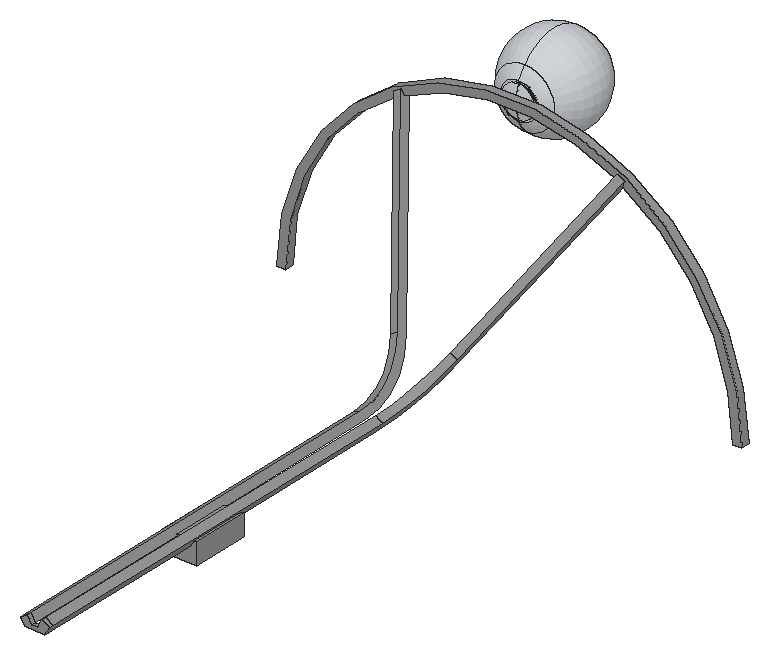
Revit family "Wall Light_Na Linii", category Lighting Fixtures, host Face, Revit 2019
Family settings
  Host = Face
  Round Connector Dimension = Use Diameter
  Part Type = Normal
  Cut with Voids When Loaded = No
  Light Source = No
  Shared = No
  Room Calculation Point = No
Parameters
  Material [instance] = Black matt
  Default Elevation = 1219.2 mm
Reference planes
  plane 1 "Center (Front/Back)": y = 0
  plane 2: z = 0
  plane 3 "Center (Left/Right)": x = 0
Forms (mm)
  Sweep 1, solid, material "Black matt" <- "Material"
    path origin (-270, -5, 0) x (1, 0, 0) y (0, 0, 1)
      loop
        arc (275, 0) -> (0, 275) -> (-275, 0) r 275
    profile origin (-270, -5, 275) x (0, 0, -1) y (0, -1, 0)
      loop
        line (0, 0) -> (0, -10) -> (10, -10) -> (10, 0) -> (0, 0)
  Sweep 2, solid, material "Black matt" <- "Material"
    path origin (-12.023, -339.007, -439.575) x (0, 1, 0) y (0.5, 0, -0.866025)
      loop
        line (339.14, -779.546) -> (212.15, -583.998)
        arc (212.15, -583.998) -> (174.675, -549.357) -> (125.213, -536.795) r 103.661
        line (125.213, -536.795) -> (-363.315, -536.795)
    profile origin (-352.908, -63.362, 150.856) x (-0.27232, -0.838671, 0.471671) y (-0.866025, 0, -0.5)
      loop
        line (-5, -5) -> (5, -5) -> (5, 5) -> (-5, 5) -> (-5, -5)
  Extrusion 3, solid, material "Black matt" <- "Material"
    sketch origin (-270, -422.323, 0) x (1, 0, 0) y (0, 0, 1)
      loop
        line (-20, 0) -> (20, 0) -> (20, 25) -> (-20, 25) -> (-20, 0)
    from 0 to 70
  Revolve 4, solid
    sketch origin (-270, -3.911, 0) x (0, 1, 0) y (0, 0, 1)
      loop
        line (9, 265) -> (21.436, 265) -> (21.436, 300.188)
        arc (21.436, 300.188) -> (17.005, 293.852) -> (13.488, 286.967) r 56
        line (13.488, 286.967) -> (13.488, 284.455) -> (12.488, 284.455)
        arc (12.488, 284.455) -> (9.879, 274.883) -> (9, 265) r 56
      axis (9, 265) -> (21.436, 265)
    angle from 0 to 360
  Revolve 5, solid
    sketch origin (-270, -2.911, 0) x (0, 1, 0) y (0, 0, 1)
      loop
        line (20.436, 265) -> (120, 265)
        arc (120, 265) -> (81.941, 317.326) -> (20.436, 297.235) r 55
        line (20.436, 297.235) -> (20.436, 265)
      axis (20.436, 265) -> (120, 265)
    angle from 0 to 360
  Sweep 6, solid, material "Black matt" <- "Material"
    path origin (-527.977, -339.007, -439.575) x (0, 1, 0) y (0.5, 0, 0.866025)
      loop
        line (339.14, 779.546) -> (212.15, 583.998)
        arc (212.15, 583.998) -> (174.675, 549.357) -> (125.213, 536.795) r 103.661
        line (125.213, 536.795) -> (-368.315, 536.795)
    profile origin (-187.092, -63.362, 150.856) x (-0.27232, 0.838671, -0.471671) y (0.866025, 0, -0.5)
      loop
        line (5, -5) -> (5, 5) -> (-5, 5) -> (-5, -5) -> (5, -5)
  Extrusion 7, solid, material "Black matt" <- "Material"
    sketch origin (-259.58, -707.323, 25.303) x (0.866025, 0, -0.5) y (0.5, 0, 0.866025)
      loop
        line (5, -5) -> (5, 5) -> (-5, 5) -> (-5, -5) -> (-11.218, -8.59) -> (-19.878, -3.59) -> (-24.878, -12.25) -> (-16.218, -17.25) -> (5, -5)
    from 0 to -5
Cuts and joins
  joined: Sweep 1, Sweep 2, Extrusion 3, Sweep 6
Dimensions and locks
  aligned and locked: plane 2 to host face
  aligned and locked: level to host face
